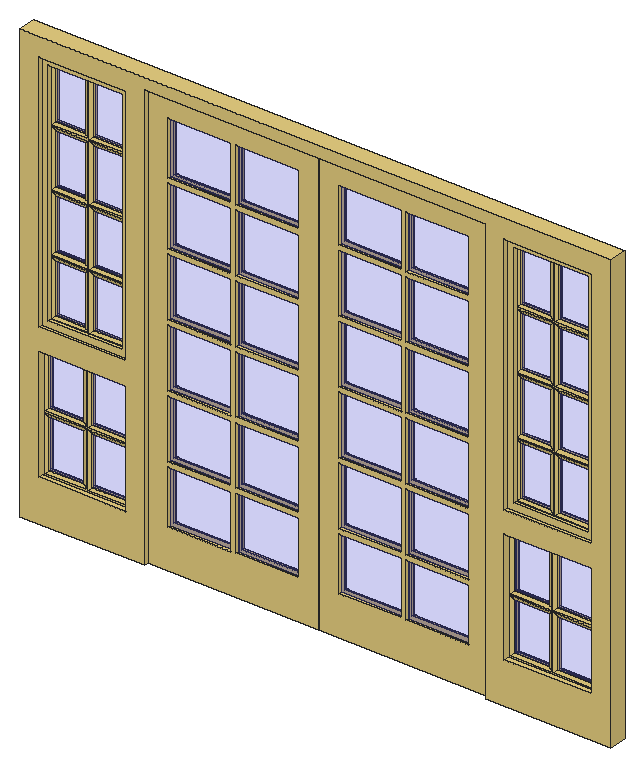
Revit family "DTI_A3-2100X2837-Cottage-L12", category Doors, host Wall, Revit 2016
Family settings
  Host = Wall
  Always vertical = Yes
  Cut with Voids When Loaded = No
  Shared = No
  Room Calculation Point = No
Parameters (values of type "2100 x 2837 Cottage Pane - L12")
  URL = "http://www.kparkerjoinery.co.za/"
  Side Width = 90 mm
  Panel Width = Width - 1200 mm  # 1637 mm
  Panel Height = Height - Frame Width  # 2045 mm
  Model = "Side Light Doors"
  Manufacturer Code = "Cottage Pane - L12"
  Manufacturer = "K. Parker Joinery"
  Height = 2100 mm
  Wall Closure = By host
  Width = 2837 mm
  Half = Panel Width / 2  # 818.5 mm
  Glass Material = Glass
  Function = Interior
  Frame Width = 55 mm
  Frame Thickness = 85 mm
  Frame Material = Kiln Dried Wood
  Assembly Code = "B2030130"
Reference planes
  plane 1 "Center": y = 0
  plane 2 "Center (Left/Right)": x = 0
  plane 3 "Left": x = -1418.5
  plane 4 "Right": x = 1418.5
  plane 5: z = 2100
  plane 6 "Exterior": y = 75
  plane 7 "Interior": y = -75
  plane 8: x = 818.5
  plane 9: x = -818.5
  plane 10: z = 742
  plane 11: z = 471
  plane 12: z = 200
  plane 13: z = 1989
  plane 14: x = 1307.5
  plane 15: x = 1118.5
  plane 16: z = 868
  plane 17: z = 1708.75
  plane 18: x = 929.5
  plane 19: z = 1428.5
  plane 20: z = 1148.25
  plane 21: x = -1307.5
  plane 22: x = -1118.5
  plane 23: x = -929.5
Forms (mm)
  Sweep 1, solid, material "Kiln Dried Wood" <- "Frame Material"
    path origin (0, 0, 0) x (1, 0, 0) y (0, 0, 1)
      loop
        line (818.5, 2100) -> (-818.5, 2100)
    profile origin (0, 0, 2100) x (0, 0, -1) y (0, -1, 0)
      loop
        line (0, -42.5) -> (55, -42.5) -> (55, 42.5) -> (0, 42.5) -> (0, -42.5)
  Sweep 2, solid, material "Kiln Dried Wood" <- "Frame Material"
    path origin (0, 0, 0) x (1, 0, 0) y (0, 0, 1)
      loop
        line (818.5, 0) -> (818.5, 2100) -> (1418.5, 2100) -> (1418.5, 0)
    profile origin (818.5, 0, 1050) x (-1, 0, 0) y (0, -1, 0)
      loop
        line (0, -42.5) -> (0, 42.5) -> (-90, 42.5) -> (-90, -42.5) -> (0, -42.5)
  Sweep 3, solid, material "Kiln Dried Wood" <- "Frame Material"
    path origin (0, 0, 0) x (1, 0, 0) y (0, 0, 1)
      loop
        line (-1418.5, 0) -> (-1418.5, 2100) -> (-818.5, 2100) -> (-818.5, 0)
    profile origin (-818.5, 0, 1050) x (0, -1, 0) y (1, 0, 0)
      loop
        line (-42.5, -90) -> (42.5, -90) -> (42.5, 0) -> (-42.5, 0) -> (-42.5, -90)
  Sweep 4, solid, material "Kiln Dried Wood" <- "Frame Material"
    path origin (0, 0, 0) x (1, 0, 0) y (0, 0, 1)
      loop
        line (1418.5, 0) -> (818.5, 0)
    profile origin (1118.5, 0, 0) x (0, 0, -1) y (0, -1, 0)
      loop
        line (-200, -42.5) -> (0, -42.5) -> (0, 42.5) -> (-200, 42.5) -> (-200, -42.5)
  Sweep 5, solid, material "Kiln Dried Wood" <- "Frame Material"
    path origin (0, 0, 0) x (-1, 0, 0) y (0, 0, 1)
      loop
        line (1418.5, 0) -> (818.5, 0)
    profile origin (-1118.5, 0, 0) x (0, 0, -1) y (0, 1, 0)
      loop
        line (-200, 42.5) -> (-200, -42.5) -> (0, -42.5) -> (0, 42.5) -> (-200, 42.5)
  Sweep 6, solid, material "Kiln Dried Wood" <- "Frame Material"
    path origin (0, 0, 0) x (1, 0, 0) y (0, 0, 1)
      loop
        line (1418.5, 742) -> (818.5, 742)
    profile origin (1118.5, 0, 742) x (0, 0, -1) y (0, -1, 0)
      loop
        line (-105, -42.5) -> (0, -42.5) -> (0, 42.5) -> (-105, 42.5) -> (-105, -42.5)
  Sweep 7, solid, material "Kiln Dried Wood" <- "Frame Material"
    path origin (0, 0, 0) x (-1, 0, 0) y (0, 0, 1)
      loop
        line (1418.5, 742) -> (818.5, 742)
    profile origin (-1118.5, 0, 742) x (0, 0, -1) y (0, 1, 0)
      loop
        line (-105, 42.5) -> (-105, -42.5) -> (0, -42.5) -> (0, 42.5) -> (-105, 42.5)
  Sweep 8, solid, material "Kiln Dried Wood" <- "Frame Material"
    path origin (0, 0, 0) x (1, 0, 0) y (0, 0, 1)
      loop
        line (1328.5, 742) -> (908.5, 742) -> (908.5, 200) -> (1328.5, 200) -> (1328.5, 742)
    profile "Side Light 1 : Side Light 1" origin (1118.5, 0, 742) x (0, 0, -1) y (0, -1, 0)
      loop
        line (0, -15) -> (5, -15) -> (21.783, -9.035) -> (21.783, -4.035) -> (11.783, -4.035) -> (11.783, 4.035) -> (21.783, 4.035) -> (21.783, 9.035) -> (5, 15) -> (0, 15) -> (0, -15)
  Extrusion 9, solid, material "Glass" <- "Glass Material"
    sketch origin (0, 0, 0) x (1, 0, 0) y (0, 1, 0)
      loop
        line (920.283, 4.035) -> (920.283, -4.035) -> (1316.717, -4.035) -> (1316.717, 4.035) -> (920.283, 4.035)
    from 211.783 to 730.217
  Sweep 10, solid, material "Kiln Dried Wood" <- "Frame Material"
    path origin (0, 0, 0) x (1, 0, 0) y (0, 0, 1)
      loop
        line (-908.5, 742) -> (-1328.5, 742) -> (-1328.5, 200) -> (-908.5, 200) -> (-908.5, 742)
    profile "Side Light 1 : Side Light 1" origin (-1118.5, 0, 742) x (0, 0, -1) y (0, -1, 0)
      loop
        line (0, -15) -> (5, -15) -> (21.783, -9.035) -> (21.783, -4.035) -> (11.783, -4.035) -> (11.783, 4.035) -> (21.783, 4.035) -> (21.783, 9.035) -> (5, 15) -> (0, 15) -> (0, -15)
  Extrusion 11, solid, material "Glass" <- "Glass Material"
    sketch origin (0, 0, 0) x (1, 0, 0) y (0, 1, 0)
      loop
        line (-1316.717, 4.035) -> (-1316.717, -4.035) -> (-920.283, -4.035) -> (-920.283, 4.035) -> (-1316.717, 4.035)
    from 211.783 to 730.217
  Sweep 12, solid, material "Kiln Dried Wood" <- "Frame Material"
    path origin (0, 0, 0) x (1, 0, 0) y (0, 0, 1)
      loop
        line (1328.5, 2010) -> (908.5, 2010) -> (908.5, 847) -> (1328.5, 847) -> (1328.5, 2010)
    profile "Side Light 2 : Side Light 2" origin (1118.5, 0, 2010) x (0, 0, -1) y (0, -1, 0)
      loop
        line (21, 4.953) -> (21, -25.047) -> (29.217, -25.047) -> (46, -19.082) -> (46, -14.082) -> (36, -14.082) -> (36, -6.013) -> (46, -6.013) -> (46, -1.013) -> (29.217, 4.953) -> (21, 4.953)
      loop
        line (0, -25) -> (20, -25) -> (20, 5.953) -> (30, 5.953) -> (30, 25) -> (0, 25) -> (0, -25)
  Sweep 13, solid, material "Kiln Dried Wood" <- "Frame Material"
    path origin (0, 0, 0) x (1, 0, 0) y (0, 0, 1)
      loop
        line (-908.5, 2010) -> (-1328.5, 2010) -> (-1328.5, 847) -> (-908.5, 847) -> (-908.5, 2010)
    profile "Side Light 2 : Side Light 2" origin (-1118.5, 0, 2010) x (0, 0, -1) y (0, -1, 0)
      loop
        line (21, 4.953) -> (21, -25.047) -> (29.217, -25.047) -> (46, -19.082) -> (46, -14.082) -> (36, -14.082) -> (36, -6.013) -> (46, -6.013) -> (46, -1.013) -> (29.217, 4.953) -> (21, 4.953)
      loop
        line (0, -25) -> (20, -25) -> (20, 5.953) -> (30, 5.953) -> (30, 25) -> (0, 25) -> (0, -25)
  Extrusion 14, solid, material "Glass" <- "Glass Material"
    sketch origin (0, 0, 0) x (1, 0, 0) y (0, 1, 0)
      loop
        line (-1292.5, 14.082) -> (-1292.5, 6.013) -> (-944.5, 6.013) -> (-944.5, 14.082) -> (-1292.5, 14.082)
      loop
        line (944.5, 14.082) -> (944.5, 6.013) -> (1292.5, 6.013) -> (1292.5, 14.082) -> (944.5, 14.082)
    from 883 to 1974
  Sweep 15, solid, material "Kiln Dried Wood" <- "Frame Material"
    path origin (0, 0, 0) x (1, 0, 0) y (0, 0, 1)
      loop
        line (1328.5, 471) -> (908.5, 471)
    profile "Side Light S 1 : Side Light S 1" origin (1118.5, 0, 471) x (0, 0, -1) y (0, -1, 0)
      loop
        line (-19.283, -9.035) -> (-2.5, -15) -> (2.5, -15) -> (19.283, -9.035) -> (19.283, -4.035) -> (9.283, -4.035) -> (9.283, 4.035) -> (19.283, 4.035) -> (19.283, 9.035) -> (2.5, 15) -> (-2.5, 15) -> (-19.283, 9.035) -> (-19.283, 4.035) -> (-9.283, 4.035) -> (-9.283, -4.035) -> (-19.283, -4.035) -> (-19.283, -9.035)
  Sweep 16, solid, material "Kiln Dried Wood" <- "Frame Material"
    path origin (444, 0, 1386) x (0, 0, -1) y (1, 0, 0)
      loop
        line (1186, 674.5) -> (644, 674.5)
    profile "Side Light S 1 : Side Light S 1" origin (1118.5, 0, 471) x (-1, 0, 0) y (0, -1, 0)
      loop
        line (-19.283, -9.035) -> (-2.5, -15) -> (2.5, -15) -> (19.283, -9.035) -> (19.283, -4.035) -> (9.283, -4.035) -> (9.283, 4.035) -> (19.283, 4.035) -> (19.283, 9.035) -> (2.5, 15) -> (-2.5, 15) -> (-19.283, 9.035) -> (-19.283, 4.035) -> (-9.283, 4.035) -> (-9.283, -4.035) -> (-19.283, -4.035) -> (-19.283, -9.035)
  Sweep 17, solid, material "Kiln Dried Wood" <- "Frame Material"
    path origin (0, 0, 0) x (-1, 0, 0) y (0, 0, 1)
      loop
        line (1328.5, 471) -> (908.5, 471)
    profile "Side Light S 1 : Side Light S 1" origin (-1118.5, 0, 471) x (0, 0, -1) y (0, 1, 0)
      loop
        line (19.283, -9.035) -> (19.283, -4.035) -> (9.283, -4.035) -> (9.283, 4.035) -> (19.283, 4.035) -> (19.283, 9.035) -> (2.5, 15) -> (-2.5, 15) -> (-19.283, 9.035) -> (-19.283, 4.035) -> (-9.283, 4.035) -> (-9.283, -4.035) -> (-19.283, -4.035) -> (-19.283, -9.035) -> (-2.5, -15) -> (2.5, -15) -> (19.283, -9.035)
  Sweep 18, solid, material "Kiln Dried Wood" <- "Frame Material"
    path origin (-444, 0, 1386) x (0, 0, -1) y (-1, 0, 0)
      loop
        line (1186, 674.5) -> (644, 674.5)
    profile "Side Light S 1 : Side Light S 1" origin (-1118.5, 0, 471) x (1, 0, 0) y (0, 1, 0)
      loop
        line (19.283, -9.035) -> (19.283, -4.035) -> (9.283, -4.035) -> (9.283, 4.035) -> (19.283, 4.035) -> (19.283, 9.035) -> (2.5, 15) -> (-2.5, 15) -> (-19.283, 9.035) -> (-19.283, 4.035) -> (-9.283, 4.035) -> (-9.283, -4.035) -> (-19.283, -4.035) -> (-19.283, -9.035) -> (-2.5, -15) -> (2.5, -15) -> (19.283, -9.035)
  Sweep 19, solid, material "Kiln Dried Wood" <- "Frame Material"
    path origin (0, 0, 0) x (1, 0, 0) y (0, 0, 1)
      loop
        line (-929.5, 1148.25) -> (-1307.5, 1148.25)
    profile "Side Light S 2 : Side Light S 2" origin (-1118.5, 0, 1148.25) x (0, 0, -1) y (0, -1, 0)
      loop
        line (2.5, -25.043) -> (19.283, -19.078) -> (19.283, -14.078) -> (9.283, -14.078) -> (9.283, -6.008) -> (19.283, -6.008) -> (19.283, -1.008) -> (2.5, 4.957) -> (-2.5, 4.957) -> (-19.283, -1.008) -> (-19.283, -6.008) -> (-9.283, -6.008) -> (-9.283, -14.078) -> (-19.283, -14.078) -> (-19.283, -19.078) -> (-2.5, -25.043) -> (2.5, -25.043)
  Sweep 20, solid, material "Kiln Dried Wood" <- "Frame Material"
    path origin (-2063.25, 0, 233.25) x (0, 0, -1) y (1, 0, 0)
      loop
        line (-634.75, 944.75) -> (-1755.75, 944.75)
    profile "Side Light S 2 : Side Light S 2" origin (-1118.5, 0, 1428.5) x (-1, 0, 0) y (0, -1, 0)
      loop
        line (2.5, -25.043) -> (19.283, -19.078) -> (19.283, -14.078) -> (9.283, -14.078) -> (9.283, -6.008) -> (19.283, -6.008) -> (19.283, -1.008) -> (2.5, 4.957) -> (-2.5, 4.957) -> (-19.283, -1.008) -> (-19.283, -6.008) -> (-9.283, -6.008) -> (-9.283, -14.078) -> (-19.283, -14.078) -> (-19.283, -19.078) -> (-2.5, -25.043) -> (2.5, -25.043)
  Sweep 21, solid, material "Kiln Dried Wood" <- "Frame Material"
    path origin (0, 0, 280.25) x (1, 0, 0) y (0, 0, 1)
      loop
        line (-929.5, 1148.25) -> (-1307.5, 1148.25)
    profile "Side Light S 2 : Side Light S 2" origin (-1118.5, 0, 1428.5) x (0, 0, -1) y (0, -1, 0)
      loop
        line (2.5, -25.043) -> (19.283, -19.078) -> (19.283, -14.078) -> (9.283, -14.078) -> (9.283, -6.008) -> (19.283, -6.008) -> (19.283, -1.008) -> (2.5, 4.957) -> (-2.5, 4.957) -> (-19.283, -1.008) -> (-19.283, -6.008) -> (-9.283, -6.008) -> (-9.283, -14.078) -> (-19.283, -14.078) -> (-19.283, -19.078) -> (-2.5, -25.043) -> (2.5, -25.043)
  Sweep 22, solid, material "Kiln Dried Wood" <- "Frame Material"
    path origin (0, 0, 560.5) x (1, 0, 0) y (0, 0, 1)
      loop
        line (-929.5, 1148.25) -> (-1307.5, 1148.25)
    profile "Side Light S 2 : Side Light S 2" origin (-1118.5, 0, 1708.75) x (0, 0, -1) y (0, -1, 0)
      loop
        line (2.5, -25.043) -> (19.283, -19.078) -> (19.283, -14.078) -> (9.283, -14.078) -> (9.283, -6.008) -> (19.283, -6.008) -> (19.283, -1.008) -> (2.5, 4.957) -> (-2.5, 4.957) -> (-19.283, -1.008) -> (-19.283, -6.008) -> (-9.283, -6.008) -> (-9.283, -14.078) -> (-19.283, -14.078) -> (-19.283, -19.078) -> (-2.5, -25.043) -> (2.5, -25.043)
  Sweep 23, solid, material "Kiln Dried Wood" <- "Frame Material"
    path origin (1860, 0, 0) x (1, 0, 0) y (0, 0, 1)
      loop
        line (-552.5, 1148.25) -> (-930.5, 1148.25)
    profile "Side Light S 2 : Side Light S 2" origin (1118.5, 0, 1148.25) x (0, 0, -1) y (0, -1, 0)
      loop
        line (2.5, -25.043) -> (19.283, -19.078) -> (19.283, -14.078) -> (9.283, -14.078) -> (9.283, -6.008) -> (19.283, -6.008) -> (19.283, -1.008) -> (2.5, 4.957) -> (-2.5, 4.957) -> (-19.283, -1.008) -> (-19.283, -6.008) -> (-9.283, -6.008) -> (-9.283, -14.078) -> (-19.283, -14.078) -> (-19.283, -19.078) -> (-2.5, -25.043) -> (2.5, -25.043)
  Sweep 24, solid, material "Kiln Dried Wood" <- "Frame Material"
    path origin (-203.25, 0, 233.25) x (0, 0, -1) y (1, 0, 0)
      loop
        line (-634.75, 1321.75) -> (-1755.75, 1321.75)
    profile "Side Light S 2 : Side Light S 2" origin (1118.5, 0, 1428.5) x (-1, 0, 0) y (0, -1, 0)
      loop
        line (2.5, -25.043) -> (19.283, -19.078) -> (19.283, -14.078) -> (9.283, -14.078) -> (9.283, -6.008) -> (19.283, -6.008) -> (19.283, -1.008) -> (2.5, 4.957) -> (-2.5, 4.957) -> (-19.283, -1.008) -> (-19.283, -6.008) -> (-9.283, -6.008) -> (-9.283, -14.078) -> (-19.283, -14.078) -> (-19.283, -19.078) -> (-2.5, -25.043) -> (2.5, -25.043)
  Sweep 25, solid, material "Kiln Dried Wood" <- "Frame Material"
    path origin (1860, 0, 280.25) x (1, 0, 0) y (0, 0, 1)
      loop
        line (-552.5, 1148.25) -> (-930.5, 1148.25)
    profile "Side Light S 2 : Side Light S 2" origin (1118.5, 0, 1428.5) x (0, 0, -1) y (0, -1, 0)
      loop
        line (2.5, -25.043) -> (19.283, -19.078) -> (19.283, -14.078) -> (9.283, -14.078) -> (9.283, -6.008) -> (19.283, -6.008) -> (19.283, -1.008) -> (2.5, 4.957) -> (-2.5, 4.957) -> (-19.283, -1.008) -> (-19.283, -6.008) -> (-9.283, -6.008) -> (-9.283, -14.078) -> (-19.283, -14.078) -> (-19.283, -19.078) -> (-2.5, -25.043) -> (2.5, -25.043)
  Sweep 26, solid, material "Kiln Dried Wood" <- "Frame Material"
    path origin (1860, 0, 560.5) x (1, 0, 0) y (0, 0, 1)
      loop
        line (-552.5, 1148.25) -> (-930.5, 1148.25)
    profile "Side Light S 2 : Side Light S 2" origin (1118.5, 0, 1708.75) x (0, 0, -1) y (0, -1, 0)
      loop
        line (2.5, -25.043) -> (19.283, -19.078) -> (19.283, -14.078) -> (9.283, -14.078) -> (9.283, -6.008) -> (19.283, -6.008) -> (19.283, -1.008) -> (2.5, 4.957) -> (-2.5, 4.957) -> (-19.283, -1.008) -> (-19.283, -6.008) -> (-9.283, -6.008) -> (-9.283, -14.078) -> (-19.283, -14.078) -> (-19.283, -19.078) -> (-2.5, -25.043) -> (2.5, -25.043)
Cuts and joins
  joined: Sweep 1, Sweep 2, Sweep 3, Sweep 4, Sweep 5, Sweep 6, Sweep 7
  joined: Sweep 8, Sweep 15, Sweep 16
  joined: Sweep 10, Sweep 17, Sweep 18
  joined: Sweep 12, Sweep 23, Sweep 24, Sweep 25, Sweep 26
  joined: Sweep 13, Sweep 19, Sweep 20, Sweep 21, Sweep 22
Lines and regions (mm)
  Opening 1
    outline origin (-3050, -75, 0) x (1, 0, 0) y (0, 0, 1)
      loop
        line (1631.5, 0) -> (4468.5, 0) -> (4468.5, 2100) -> (1631.5, 2100) -> (1631.5, 0)
  symbolic lines, style "Elevation Swing"
    curve 1: line (1328.5, 0, 2010) -> (908.5, 0, 1428.5)
    curve 2: line (1328.5, 0, 847) -> (908.5, 0, 1428.5)
    curve 3: line (-1328.5, 0, 2010) -> (-908.5, 0, 1428.5)
    curve 4: line (-1328.5, 0, 847) -> (-908.5, 0, 1428.5)
    curve 5: line (818.5, 0, 2045) -> (0, 0, 1022.5)
    curve 6: line (0, 0, 1022.5) -> (818.5, 0, 0)
    curve 7: line (-818.5, 0, 2045) -> (0, 0, 1022.5)
    curve 8: line (-818.5, 0, 0) -> (0, 0, 1022.5)
  symbolic lines, style "Plan Swing"
    curve 9: line (-818.5, 22, 0) -> (-774.5, 22, 0)
    curve 10: line (-818.5, 840.5, 0) -> (-818.5, 22, 0)
    curve 11: line (-774.5, 840.5, 0) -> (-818.5, 840.5, 0)
    curve 12: line (-774.5, 22, 0) -> (-774.5, 840.5, 0)
    curve 13: line (818.5, 22, 0) -> (774.5, 22, 0)
    curve 14: line (818.5, 840.5, 0) -> (818.5, 22, 0)
    curve 15: line (774.5, 840.5, 0) -> (818.5, 840.5, 0)
    curve 16: line (774.5, 22, 0) -> (774.5, 840.5, 0)
    curve 17: arc (-818.5, 840.5, 0) -> (-239.733, 600.767, 0) -> (0, 22, 0) r 818.5
    curve 18: arc (818.5, 840.5, 0) -> (239.733, 600.767, 0) -> (0, 22, 0) r 818.5
Text (mm)
  text "Exterior" at (-2295.016, 1099.543, 0), in view "Ref. Level"
  text "Exterior" at (0, 1615.38, 3698.081), in view "Left"
  text "Exterior" at (0, 1036.032, 3874.932), in view "Right"
Dimensions and locks
  equal spacing: plane 3 "Left", plane 2 "Center (Left/Right)", plane 4 "Right"
  "Width": plane 3 "Left" to plane 4 "Right"
  "Height": plane 5 to host wall
  locked: plane 6 "Exterior" to host wall at 0
  locked: plane 7 "Interior" to host wall
  locked: plane 8 to plane 4 "Right" at 600
  locked: plane 9 to plane 3 "Left" at 600
  "Frame Width": Sweep 1 sketch curve to Sweep 1 sketch curve
  equal spacing: Sweep 1 sketch curve, profile plane, Sweep 1 sketch curve
  "Frame Thickness": Sweep 1 sketch curve to Sweep 1 sketch curve
  "Side Width": Sweep 2 sketch curve to Sweep 2 sketch curve
  equal spacing: Sweep 2 sketch curve, profile plane, Sweep 2 sketch curve
  "Frame Thickness": Sweep 2 sketch curve to Sweep 2 sketch curve
  equal spacing: Sweep 3 sketch curve, profile plane, Sweep 3 sketch curve
  "Frame Thickness": Sweep 3 sketch curve to Sweep 3 sketch curve
  "Side Width": Sweep 3 sketch curve to Sweep 3 sketch curve
  locked: Sweep 4 sketch curve to Sweep 4 sketch curve at 200
  locked: Sweep 5 sketch curve to Sweep 5 sketch curve at 200
  locked: level to plane 10 at 742
  locked: Sweep 6 sketch curve to Sweep 6 sketch curve at 105
  locked: Sweep 7 sketch curve to Sweep 7 sketch curve at 105
  equal spacing: plane 12, plane 11, plane 10
  locked: plane 10 to plane 16 at 126
  locked: plane 13 to plane 5 at 111
  locked: plane 4 "Right" to plane 14 at 111
  equal spacing: plane 8, plane 15, plane 4 "Right"
  locked: plane 8 to plane 18 at 111
  locked: plane 3 "Left" to plane 21 at 111
  equal spacing: plane 9, plane 22, plane 3 "Left"
  locked: plane 9 to plane 23 at 111
  equal spacing: plane 16, plane 20, plane 19, plane 17, plane 13
  "Half": curve 11 to curve 9
  aligned and locked: plane 3 "Left" to Opening 1 sketch curve
  aligned and locked: plane 5 to Opening 1 sketch curve  (x2)
  aligned and locked: Opening 1 sketch curve to plane 4 "Right"
  aligned and locked: Opening 1 sketch curve to level
  aligned and locked: plane 1 "Center" to host wall
  aligned and locked: plane 5 to Sweep 1 sketch curve
  aligned and locked: Sweep 1 sketch curve to profile plane
  aligned and locked: level to Sweep 2 sketch curve  (x2)
  aligned and locked: Sweep 2 sketch curve to plane 8
  aligned and locked: profile plane to Sweep 2 sketch curve
  aligned and locked: level to Sweep 3 sketch curve  (x2)
  aligned and locked: Sweep 3 sketch curve to plane 9
  aligned and locked: profile plane to Sweep 3 sketch curve
  aligned and locked: plane 8 to Sweep 1 sketch curve
  aligned and locked: plane 9 to Sweep 1 sketch curve
  aligned and locked: plane 5 to Sweep 2 sketch curve
  aligned and locked: Sweep 2 sketch curve to plane 4 "Right"
  aligned and locked: plane 5 to Sweep 3 sketch curve
  aligned and locked: Sweep 3 sketch curve to plane 3 "Left"
  aligned and locked: plane 4 "Right" to Sweep 4 sketch curve
  aligned and locked: plane 8 to Sweep 4 sketch curve
  aligned and locked: Sweep 4 sketch curve to level
  aligned and locked: profile plane to Sweep 4 sketch curve
  aligned and locked: Sweep 4 sketch curve to cut or joined group of Sweep 1, Sweep 2, Sweep 3, Sweep 4, Sweep 5, Sweep 6, Sweep 7  (x2)
  aligned and locked: profile plane to Sweep 5 sketch curve
  aligned and locked: plane 9 to Sweep 5 sketch curve
  aligned and locked: plane 3 "Left" to Sweep 5 sketch curve
  aligned and locked: level to Sweep 5 sketch curve
  aligned and locked: Sweep 5 sketch curve to cut or joined group of Sweep 1, Sweep 2, Sweep 3, Sweep 4, Sweep 5, Sweep 6, Sweep 7  (x2)
  aligned and locked: plane 4 "Right" to Sweep 6 sketch curve
  aligned and locked: plane 8 to Sweep 6 sketch curve
  aligned and locked: Sweep 6 sketch curve to plane 10
  aligned and locked: profile plane to Sweep 6 sketch curve
  aligned and locked: Sweep 6 sketch curve to cut or joined group of Sweep 1, Sweep 2, Sweep 3, Sweep 4, Sweep 5, Sweep 6, Sweep 7  (x2)
  aligned and locked: profile plane to Sweep 7 sketch curve
  aligned and locked: plane 9 to Sweep 7 sketch curve
  aligned and locked: plane 3 "Left" to Sweep 7 sketch curve
  aligned and locked: plane 10 to Sweep 7 sketch curve
  aligned and locked: Sweep 7 sketch curve to cut or joined group of Sweep 1, Sweep 2, Sweep 3, Sweep 4, Sweep 5, Sweep 6, Sweep 7  (x2)
  aligned and locked: cut or joined group of Sweep 1, Sweep 2, Sweep 3, Sweep 4, Sweep 5, Sweep 6, Sweep 7 to Sweep 8 sketch curve  (x2)
  aligned and locked: Sweep 8 sketch curve to cut or joined group of Sweep 1, Sweep 2, Sweep 3, Sweep 4, Sweep 5, Sweep 6, Sweep 7  (x2)
  aligned and locked: Sweep 8 to Extrusion 9 sketch curve
  aligned and locked: Extrusion 9 sketch curve to Sweep 8  (x3)
  aligned and locked: Extrusion 9 to Sweep 8  (x2)
  aligned and locked: cut or joined group of Sweep 1, Sweep 2, Sweep 3, Sweep 4, Sweep 5, Sweep 6, Sweep 7 to Sweep 10 sketch curve  (x3)
  aligned and locked: Sweep 10 sketch curve to cut or joined group of Sweep 1, Sweep 2, Sweep 3, Sweep 4, Sweep 5, Sweep 6, Sweep 7
  aligned and locked: Sweep 10 to Extrusion 11 sketch curve
  aligned and locked: Extrusion 11 sketch curve to Sweep 10  (x3)
  aligned and locked: Extrusion 11 to Sweep 8  (x2)
  aligned and locked: cut or joined group of Sweep 1, Sweep 2, Sweep 3, Sweep 4, Sweep 5, Sweep 6, Sweep 7 to Sweep 12 sketch curve  (x3)
  aligned and locked: Sweep 12 sketch curve to cut or joined group of Sweep 1, Sweep 2, Sweep 3, Sweep 4, Sweep 5, Sweep 6, Sweep 7
  aligned and locked: cut or joined group of Sweep 1, Sweep 2, Sweep 3, Sweep 4, Sweep 5, Sweep 6, Sweep 7 to Sweep 13 sketch curve  (x2)
  aligned and locked: Sweep 13 sketch curve to cut or joined group of Sweep 1, Sweep 2, Sweep 3, Sweep 4, Sweep 5, Sweep 6, Sweep 7  (x2)
  aligned and locked: Sweep 13 to Extrusion 14 sketch curve
  aligned and locked: Extrusion 14 sketch curve to Sweep 13  (x3)
  aligned and locked: Sweep 12 to Extrusion 14 sketch curve
  aligned and locked: Extrusion 14 sketch curve to Sweep 12  (x3)
  aligned and locked: Extrusion 14 to Sweep 12  (x2)
  aligned and locked: curve 1 to cut or joined group of Sweep 1, Sweep 2, Sweep 3, Sweep 4, Sweep 5, Sweep 6, Sweep 7
  aligned and locked: cut or joined group of Sweep 1, Sweep 2, Sweep 3, Sweep 4, Sweep 5, Sweep 6, Sweep 7 to curve 1
  aligned and locked: curve 2 to cut or joined group of Sweep 1, Sweep 2, Sweep 3, Sweep 4, Sweep 5, Sweep 6, Sweep 7
  aligned and locked: cut or joined group of Sweep 1, Sweep 2, Sweep 3, Sweep 4, Sweep 5, Sweep 6, Sweep 7 to curve 3
  aligned and locked: curve 3 to cut or joined group of Sweep 1, Sweep 2, Sweep 3, Sweep 4, Sweep 5, Sweep 6, Sweep 7
  aligned and locked: curve 4 to cut or joined group of Sweep 1, Sweep 2, Sweep 3, Sweep 4, Sweep 5, Sweep 6, Sweep 7
  aligned and locked: cut or joined group of Sweep 1, Sweep 2, Sweep 3, Sweep 4, Sweep 5, Sweep 6, Sweep 7 to Sweep 15 sketch curve  (x2)
  aligned and locked: Sweep 15 sketch curve to plane 11
  aligned and locked: Sweep 8 to Sweep 16 sketch curve  (x2)
  aligned and locked: cut or joined group of Sweep 1, Sweep 2, Sweep 3, Sweep 4, Sweep 5, Sweep 6, Sweep 7 to Sweep 17 sketch curve  (x2)
  aligned and locked: plane 11 to Sweep 17 sketch curve
  aligned and locked: Sweep 10 to Sweep 18 sketch curve  (x2)
  aligned and locked: Sweep 18 sketch curve to plane 22
  aligned and locked: plane 23 to Sweep 19 sketch curve
  aligned and locked: Sweep 19 sketch curve to plane 21
  aligned and locked: Sweep 19 sketch curve to plane 20
  aligned and locked: plane 23 to Sweep 21 sketch curve
  aligned and locked: Sweep 21 sketch curve to plane 21
  aligned and locked: Sweep 21 sketch curve to plane 19
  aligned and locked: plane 23 to Sweep 22 sketch curve
  aligned and locked: Sweep 22 sketch curve to plane 21
  aligned and locked: Sweep 22 sketch curve to plane 17
  aligned and locked: plane 13 to Sweep 20 sketch curve
  aligned and locked: plane 16 to Sweep 20 sketch curve
  aligned and locked: Sweep 20 sketch curve to plane 22
  aligned and locked: Sweep 23 sketch curve to plane 18
  aligned and locked: plane 14 to Sweep 23 sketch curve
  aligned and locked: Sweep 23 sketch curve to plane 20
  aligned and locked: plane 13 to Sweep 24 sketch curve
  aligned and locked: plane 16 to Sweep 24 sketch curve
  aligned and locked: plane 15 to Sweep 24 sketch curve
  aligned and locked: plane 14 to Sweep 25 sketch curve
  aligned and locked: Sweep 25 sketch curve to plane 18
  aligned and locked: Sweep 25 sketch curve to plane 19
  aligned and locked: Sweep 26 sketch curve to plane 18
  aligned and locked: plane 14 to Sweep 26 sketch curve
  aligned and locked: Sweep 26 sketch curve to plane 17
  aligned and locked: nested 1 to plane 2 "Center (Left/Right)"
  aligned and locked: nested 1 to plane 1 "Center"
  aligned and locked: curve 11 to curve 15
Automatic sketch dimensions
  Sweep 16 sketch curve to plane 15 = 0 mm
  curve 7 to plane 9 = 0 mm
  curve 8 to level = 0 mm
  curve 8 to plane 9 = 0 mm
  curve 8 to plane 2 "Center (Left/Right)" = 0 mm
  curve 5 to plane 8 = 0 mm
  curve 6 to level = 0 mm
  curve 6 to plane 8 = 0 mm
  curve 3 to plane 19 = 0 mm
  curve 1 to plane 19 = 0 mm
  plane 16 to curve 2 = 21 mm
  plane 16 to curve 4 = 21 mm
  curve 5 to plane 20 = 125.75 mm
  curve 3 to plane 13 = 21 mm
  curve 1 to plane 13 = 21 mm
  plane 5 to curve 5 = 55 mm
  plane 5 to curve 7 = 55 mm
  curve 17 to plane 2 "Center (Left/Right)" = 0 mm
  curve 18 to plane 2 "Center (Left/Right)" = 0 mm
  curve 18 to plane 8 = 0 mm
  curve 12 to plane 9 = 44 mm
  curve 15 to plane 8 = 44 mm
  curve 9 to host wall = 22 mm
  curve 16 to host wall = 22 mm
Nested families
  nested 1: "L12 - Double" at (0, 0, 0) x (-1, 0, 0) z (0, 0, 1), type "L12 - Double", detail levels medium+fine
    with Width 1637 mm, Height 2045 mm
Definition of nested family "L12 - Double"
  Parameters
    Width = 1206 mm
    Height = 2032 mm
    Glass Material = none
    Frame Material = none
  Reference planes
    plane 1 "Center (Front/Back)": y = 0
    plane 2: z = 0
    plane 3 "Center (Left/Right)": x = 0
    plane 4: x = -603
    plane 5: x = 603
    plane 6: z = 2032
    plane 7: z = 1972
    plane 8: z = 155
    plane 9: x = -301.5
    plane 10: x = 301.5
    plane 11: z = 1669.167
    plane 12: x = 543
    plane 13: x = 60
    plane 14: x = -60
    plane 15: x = -543
    plane 16: z = 1366.333
    plane 17: z = 1063.5
    plane 18: z = 760.667
    plane 19: z = 457.833
  Forms (mm)
    Sweep 1, solid
      path origin (0, 0, 0) x (1, 0, 0) y (0, 0, 1)
        loop
          line (-603, 0) -> (0, 0)
      profile "Glass B : Glass B" origin (-301.5, 0, 0) x (0, 0, 1) y (0, -1, 0)
        loop
          line (0, -22) -> (191, -22) -> (191, -10) -> (155, -10) -> (155, 2) -> (200, 2) -> (200, 12) -> (198, 12)
          arc (198, 12) -> (195.657, 17.657) -> (190, 20) r 8
          line (190, 20) -> (190, 22) -> (0, 22) -> (0, -22)
    Sweep 2, solid
      path origin (0, 0, 0) x (1, 0, 0) y (0, 0, 1)
        loop
          line (-603, 155) -> (-603, 2032) -> (0, 2032) -> (0, 155)
      profile "Glass T : Glass T" origin (-301.5, 0, 2032) x (0, 0, 1) y (0, -1, 0)
        loop
          line (0, -22) -> (0, 22) -> (-95, 22) -> (-95, 20)
          arc (-95, 20) -> (-100.657, 17.657) -> (-103, 12) r 8
          line (-103, 12) -> (-105, 12) -> (-105, 2) -> (-60, 2) -> (-60, -10) -> (-96, -10) -> (-96, -22) -> (0, -22)
    Extrusion 3, solid, material <- "Glass Material"
      sketch origin (0, 0, 0) x (1, 0, 0) y (0, 1, 0)
        loop
          line (-543, 10) -> (-543, -2) -> (-60, -2) -> (-60, 10) -> (-543, 10)
        loop
          line (60, 10) -> (60, -2) -> (543, -2) -> (543, 10) -> (60, 10)
      from 155 to 1972
    Sweep 4, solid
      path origin (680, 0, 0) x (1, 0, 0) y (0, 0, 1)
        loop
          line (-680, 0) -> (-77, 0)
      profile "Glass B : Glass B" origin (301.5, 0, 0) x (0, 0, 1) y (0, -1, 0)
        loop
          line (0, -22) -> (191, -22) -> (191, -10) -> (155, -10) -> (155, 2) -> (200, 2) -> (200, 12) -> (198, 12)
          arc (198, 12) -> (195.657, 17.657) -> (190, 20) r 8
          line (190, 20) -> (190, 22) -> (0, 22) -> (0, -22)
    Sweep 5, solid
      path origin (680, 0, 0) x (1, 0, 0) y (0, 0, 1)
        loop
          line (-680, 155) -> (-680, 2032) -> (-77, 2032) -> (-77, 155)
      profile "Glass T : Glass T" origin (301.5, 0, 2032) x (0, 0, 1) y (0, -1, 0)
        loop
          line (0, -22) -> (0, 22) -> (-95, 22) -> (-95, 20)
          arc (-95, 20) -> (-100.657, 17.657) -> (-103, 12) r 8
          line (-103, 12) -> (-105, 12) -> (-105, 2) -> (-60, 2) -> (-60, -10) -> (-96, -10) -> (-96, -22) -> (0, -22)
    Sweep 6, solid
      path origin (0, 0, 0) x (1, 0, 0) y (0, 0, 1)
        loop
          line (-543, 1669.167) -> (-60, 1669.167)
      profile "Glass S : Glass S" origin (-301.5, 0, 1669.167) x (0, 0, 1) y (0, -1, 0)
        loop
          line (-10, 22) -> (-10, 20)
          arc (-10, 20) -> (-15.657, 17.657) -> (-18, 12) r 8
          line (-18, 12) -> (-20, 12) -> (-20, 2) -> (-5.25, 2) -> (-5.25, -10) -> (-11, -10) -> (-11, -22) -> (11, -22) -> (11, -10) -> (5.25, -10) -> (5.25, 2) -> (20, 2) -> (20, 12) -> (18, 12)
          arc (18, 12) -> (15.657, 17.657) -> (10, 20) r 8
          line (10, 20) -> (10, 22) -> (-10, 22)
    Sweep 7, solid
      path origin (700, 0, 0) x (1, 0, 0) y (0, 0, 1)
        loop
          line (-640, 1669.167) -> (-157, 1669.167)
      profile "Glass S : Glass S" origin (301.5, 0, 1669.167) x (0, 0, 1) y (0, -1, 0)
        loop
          line (-10, 22) -> (-10, 20)
          arc (-10, 20) -> (-15.657, 17.657) -> (-18, 12) r 8
          line (-18, 12) -> (-20, 12) -> (-20, 2) -> (-5.25, 2) -> (-5.25, -10) -> (-11, -10) -> (-11, -22) -> (11, -22) -> (11, -10) -> (5.25, -10) -> (5.25, 2) -> (20, 2) -> (20, 12) -> (18, 12)
          arc (18, 12) -> (15.657, 17.657) -> (10, 20) r 8
          line (10, 20) -> (10, 22) -> (-10, 22)
    Sweep 8, solid
      path origin (1940.972, 0, 2037.972) x (0, 0, 1) y (-1, 0, 0)
        loop
          line (-1882.972, 1639.472) -> (-65.972, 1639.472)
      profile "Glass S : Glass S" origin (301.5, 0, 1063.5) x (-1, 0, 0) y (0, -1, 0)
        loop
          line (-10, 22) -> (-10, 20)
          arc (-10, 20) -> (-15.657, 17.657) -> (-18, 12) r 8
          line (-18, 12) -> (-20, 12) -> (-20, 2) -> (-5.25, 2) -> (-5.25, -10) -> (-11, -10) -> (-11, -22) -> (11, -22) -> (11, -10) -> (5.25, -10) -> (5.25, 2) -> (20, 2) -> (20, 12) -> (18, 12)
          arc (18, 12) -> (15.657, 17.657) -> (10, 20) r 8
          line (10, 20) -> (10, 22) -> (-10, 22)
    Sweep 9, solid
      path origin (1300.972, 0, 2037.972) x (0, 0, 1) y (-1, 0, 0)
        loop
          line (-1882.972, 1602.472) -> (-65.972, 1602.472)
      profile "Glass S : Glass S" origin (-301.5, 0, 1063.5) x (-1, 0, 0) y (0, -1, 0)
        loop
          line (-10, 22) -> (-10, 20)
          arc (-10, 20) -> (-15.657, 17.657) -> (-18, 12) r 8
          line (-18, 12) -> (-20, 12) -> (-20, 2) -> (-5.25, 2) -> (-5.25, -10) -> (-11, -10) -> (-11, -22) -> (11, -22) -> (11, -10) -> (5.25, -10) -> (5.25, 2) -> (20, 2) -> (20, 12) -> (18, 12)
          arc (18, 12) -> (15.657, 17.657) -> (10, 20) r 8
          line (10, 20) -> (10, 22) -> (-10, 22)
    Sweep 10, solid
      path origin (0, 0, -240) x (1, 0, 0) y (0, 0, 1)
        loop
          line (-543, 1606.333) -> (-60, 1606.333)
      profile "Glass S : Glass S" origin (-301.5, 0, 1366.333) x (0, 0, 1) y (0, -1, 0)
        loop
          line (-10, 22) -> (-10, 20)
          arc (-10, 20) -> (-15.657, 17.657) -> (-18, 12) r 8
          line (-18, 12) -> (-20, 12) -> (-20, 2) -> (-5.25, 2) -> (-5.25, -10) -> (-11, -10) -> (-11, -22) -> (11, -22) -> (11, -10) -> (5.25, -10) -> (5.25, 2) -> (20, 2) -> (20, 12) -> (18, 12)
          arc (18, 12) -> (15.657, 17.657) -> (10, 20) r 8
          line (10, 20) -> (10, 22) -> (-10, 22)
    Sweep 11, solid
      path origin (700, 0, -240) x (1, 0, 0) y (0, 0, 1)
        loop
          line (-640, 1606.333) -> (-157, 1606.333)
      profile "Glass S : Glass S" origin (301.5, 0, 1366.333) x (0, 0, 1) y (0, -1, 0)
        loop
          line (-10, 22) -> (-10, 20)
          arc (-10, 20) -> (-15.657, 17.657) -> (-18, 12) r 8
          line (-18, 12) -> (-20, 12) -> (-20, 2) -> (-5.25, 2) -> (-5.25, -10) -> (-11, -10) -> (-11, -22) -> (11, -22) -> (11, -10) -> (5.25, -10) -> (5.25, 2) -> (20, 2) -> (20, 12) -> (18, 12)
          arc (18, 12) -> (15.657, 17.657) -> (10, 20) r 8
          line (10, 20) -> (10, 22) -> (-10, 22)
    Sweep 12, solid
      path origin (0, 0, -560) x (1, 0, 0) y (0, 0, 1)
        loop
          line (-543, 1623.5) -> (-60, 1623.5)
      profile "Glass S : Glass S" origin (-301.5, 0, 1063.5) x (0, 0, 1) y (0, -1, 0)
        loop
          line (-10, 22) -> (-10, 20)
          arc (-10, 20) -> (-15.657, 17.657) -> (-18, 12) r 8
          line (-18, 12) -> (-20, 12) -> (-20, 2) -> (-5.25, 2) -> (-5.25, -10) -> (-11, -10) -> (-11, -22) -> (11, -22) -> (11, -10) -> (5.25, -10) -> (5.25, 2) -> (20, 2) -> (20, 12) -> (18, 12)
          arc (18, 12) -> (15.657, 17.657) -> (10, 20) r 8
          line (10, 20) -> (10, 22) -> (-10, 22)
    Sweep 13, solid
      path origin (700, 0, -560) x (1, 0, 0) y (0, 0, 1)
        loop
          line (-640, 1623.5) -> (-157, 1623.5)
      profile "Glass S : Glass S" origin (301.5, 0, 1063.5) x (0, 0, 1) y (0, -1, 0)
        loop
          line (-10, 22) -> (-10, 20)
          arc (-10, 20) -> (-15.657, 17.657) -> (-18, 12) r 8
          line (-18, 12) -> (-20, 12) -> (-20, 2) -> (-5.25, 2) -> (-5.25, -10) -> (-11, -10) -> (-11, -22) -> (11, -22) -> (11, -10) -> (5.25, -10) -> (5.25, 2) -> (20, 2) -> (20, 12) -> (18, 12)
          arc (18, 12) -> (15.657, 17.657) -> (10, 20) r 8
          line (10, 20) -> (10, 22) -> (-10, 22)
    Sweep 14, solid
      path origin (0, 0, -920) x (1, 0, 0) y (0, 0, 1)
        loop
          line (-543, 1680.667) -> (-60, 1680.667)
      profile "Glass S : Glass S" origin (-301.5, 0, 760.667) x (0, 0, 1) y (0, -1, 0)
        loop
          line (-10, 22) -> (-10, 20)
          arc (-10, 20) -> (-15.657, 17.657) -> (-18, 12) r 8
          line (-18, 12) -> (-20, 12) -> (-20, 2) -> (-5.25, 2) -> (-5.25, -10) -> (-11, -10) -> (-11, -22) -> (11, -22) -> (11, -10) -> (5.25, -10) -> (5.25, 2) -> (20, 2) -> (20, 12) -> (18, 12)
          arc (18, 12) -> (15.657, 17.657) -> (10, 20) r 8
          line (10, 20) -> (10, 22) -> (-10, 22)
    Sweep 15, solid
      path origin (700, 0, -920) x (1, 0, 0) y (0, 0, 1)
        loop
          line (-640, 1680.667) -> (-157, 1680.667)
      profile "Glass S : Glass S" origin (301.5, 0, 760.667) x (0, 0, 1) y (0, -1, 0)
        loop
          line (-10, 22) -> (-10, 20)
          arc (-10, 20) -> (-15.657, 17.657) -> (-18, 12) r 8
          line (-18, 12) -> (-20, 12) -> (-20, 2) -> (-5.25, 2) -> (-5.25, -10) -> (-11, -10) -> (-11, -22) -> (11, -22) -> (11, -10) -> (5.25, -10) -> (5.25, 2) -> (20, 2) -> (20, 12) -> (18, 12)
          arc (18, 12) -> (15.657, 17.657) -> (10, 20) r 8
          line (10, 20) -> (10, 22) -> (-10, 22)
    Sweep 16, solid
      path origin (0, 0, -1220) x (1, 0, 0) y (0, 0, 1)
        loop
          line (-543, 1677.833) -> (-60, 1677.833)
      profile "Glass S : Glass S" origin (-301.5, 0, 457.833) x (0, 0, 1) y (0, -1, 0)
        loop
          line (-10, 22) -> (-10, 20)
          arc (-10, 20) -> (-15.657, 17.657) -> (-18, 12) r 8
          line (-18, 12) -> (-20, 12) -> (-20, 2) -> (-5.25, 2) -> (-5.25, -10) -> (-11, -10) -> (-11, -22) -> (11, -22) -> (11, -10) -> (5.25, -10) -> (5.25, 2) -> (20, 2) -> (20, 12) -> (18, 12)
          arc (18, 12) -> (15.657, 17.657) -> (10, 20) r 8
          line (10, 20) -> (10, 22) -> (-10, 22)
    Sweep 17, solid
      path origin (700, 0, -1220) x (1, 0, 0) y (0, 0, 1)
        loop
          line (-640, 1677.833) -> (-157, 1677.833)
      profile "Glass S : Glass S" origin (301.5, 0, 457.833) x (0, 0, 1) y (0, -1, 0)
        loop
          line (-10, 22) -> (-10, 20)
          arc (-10, 20) -> (-15.657, 17.657) -> (-18, 12) r 8
          line (-18, 12) -> (-20, 12) -> (-20, 2) -> (-5.25, 2) -> (-5.25, -10) -> (-11, -10) -> (-11, -22) -> (11, -22) -> (11, -10) -> (5.25, -10) -> (5.25, 2) -> (20, 2) -> (20, 12) -> (18, 12)
          arc (18, 12) -> (15.657, 17.657) -> (10, 20) r 8
          line (10, 20) -> (10, 22) -> (-10, 22)
  Cuts and joins
    joined: Sweep 1, Sweep 2, Sweep 6, Sweep 9, Sweep 10, Sweep 12, Sweep 14, Sweep 16
    joined: Sweep 4, Sweep 5, Sweep 7, Sweep 8, Sweep 11, Sweep 13, Sweep 15, Sweep 17
  Dimensions and locks
    equal spacing: plane 4, plane 3 "Center (Left/Right)", plane 5
    "Width": plane 4 to plane 5
    "Height": plane 6 to level
    locked: plane 8 to level at 155
    locked: plane 6 to plane 7 at 60
    equal spacing: plane 3 "Center (Left/Right)", plane 9, plane 4
    equal spacing: plane 3 "Center (Left/Right)", plane 10, plane 5
    locked: plane 4 to plane 15 at 60
    locked: plane 12 to plane 5 at 60
    locked: plane 3 "Center (Left/Right)" to plane 13 at 60
    locked: plane 14 to plane 3 "Center (Left/Right)" at 60
    equal spacing: plane 7, plane 11, plane 16, plane 17, plane 18, plane 19, plane 8
    aligned and locked: Sweep 1 sketch curve to level
    aligned and locked: plane 4 to Sweep 1 sketch curve
    aligned and locked: Sweep 2 sketch curve to plane 6
    aligned and locked: Sweep 2 sketch curve to plane 4
    aligned and locked: cut or joined group of Sweep 1, Sweep 2, Sweep 6, Sweep 9, Sweep 10, Sweep 12, Sweep 14, Sweep 16 to Extrusion 3 sketch curve  (x2)
    aligned and locked: Extrusion 3 sketch curve to cut or joined group of Sweep 1, Sweep 2, Sweep 6, Sweep 9, Sweep 10, Sweep 12, Sweep 14, Sweep 16  (x2)
    aligned and locked: plane 7 to Extrusion 3
    aligned and locked: Extrusion 3 to plane 8
    aligned and locked: Sweep 2 sketch curve to plane 3 "Center (Left/Right)"
    aligned and locked: plane 3 "Center (Left/Right)" to Sweep 1 sketch curve
    aligned and locked: plane 3 "Center (Left/Right)" to Sweep 4 sketch curve
    aligned and locked: Sweep 4 sketch curve to level
    aligned and locked: plane 5 to Sweep 4 sketch curve
    aligned and locked: plane 8 to Sweep 5 sketch curve  (x2)
    aligned and locked: Sweep 5 sketch curve to plane 3 "Center (Left/Right)"
    aligned and locked: plane 5 to Sweep 5 sketch curve
    aligned and locked: Sweep 5 sketch curve to plane 6
    aligned and locked: Extrusion 3 sketch curve to cut or joined group of Sweep 4, Sweep 5, Sweep 7, Sweep 8, Sweep 11, Sweep 13, Sweep 15, Sweep 17  (x4)
    aligned and locked: plane 15 to Sweep 6 sketch curve
    aligned and locked: plane 14 to Sweep 6 sketch curve
    aligned and locked: Sweep 6 sketch curve to plane 11
    aligned and locked: plane 13 to Sweep 7 sketch curve
    aligned and locked: plane 12 to Sweep 7 sketch curve
    aligned and locked: Sweep 7 sketch curve to plane 11
    aligned and locked: plane 7 to Sweep 9 sketch curve
    aligned and locked: plane 8 to Sweep 9 sketch curve
    aligned and locked: plane 9 to Sweep 9 sketch curve
    aligned and locked: plane 7 to Sweep 8 sketch curve
    aligned and locked: Sweep 8 sketch curve to plane 10
    aligned and locked: plane 8 to Sweep 8 sketch curve
    aligned and locked: Sweep 10 sketch curve to plane 16
    aligned and locked: Sweep 11 sketch curve to plane 16
    aligned and locked: Sweep 12 sketch curve to plane 17
    aligned and locked: Sweep 13 sketch curve to plane 17
    aligned and locked: Sweep 14 sketch curve to plane 18
    aligned and locked: Sweep 15 sketch curve to plane 18
    aligned and locked: Sweep 16 sketch curve to plane 19
    aligned and locked: Sweep 17 sketch curve to plane 19
    aligned and locked: plane 15 to Sweep 10 sketch curve
    aligned and locked: plane 14 to Sweep 10 sketch curve
    aligned and locked: plane 15 to Sweep 12 sketch curve
    aligned and locked: plane 14 to Sweep 12 sketch curve
    aligned and locked: plane 15 to Sweep 14 sketch curve
    aligned and locked: plane 14 to Sweep 14 sketch curve
    aligned and locked: plane 15 to Sweep 16 sketch curve
    aligned and locked: plane 14 to Sweep 16 sketch curve
    aligned and locked: plane 13 to Sweep 17 sketch curve
    aligned and locked: plane 12 to Sweep 17 sketch curve
    aligned and locked: plane 13 to Sweep 15 sketch curve
    aligned and locked: plane 12 to Sweep 15 sketch curve
    aligned and locked: plane 13 to Sweep 13 sketch curve
    aligned and locked: plane 12 to Sweep 13 sketch curve
    aligned and locked: plane 13 to Sweep 11 sketch curve
    aligned and locked: plane 12 to Sweep 11 sketch curve
  Automatic sketch dimensions
    level to Sweep 2 sketch curve = 155 mm  (x2)
